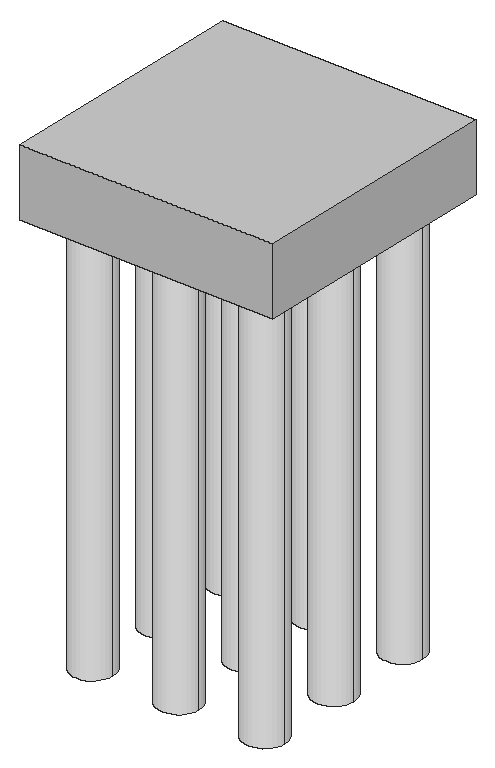
Revit family "2d20c3ec74474c8192e4ea9bafb45f9d", category Structural Foundations, Revit 2021
Family settings
  Material for Model Behavior = Concrete
  Cap = No
  OmniClass Number = 23.25.05.11
  OmniClass Title = Foundation Piles
  Seek Item ID = Pile Cap-9 Pile-0000-USA-ENU
  Work Plane-Based = No
  Always vertical = Yes
  Cut with Voids When Loaded = No
  Shared = No
Parameters (values of type "150"x150"x40"")
  Width = 12' - 6"
  Structural Material [instance] = Concrete, Cast-in-Place gray
  Pile Type = Pile-Steel Pipe : 24" Diameter
  Length = 12' - 6"
  Foundation Thickness = 3' - 4"
  Cut-off = 0' - 6"
  Clearance = 2' - 0"
  Assembly Code = "A1010130"
Reference planes (in)
  plane 1 "Center (Front/Back)": y = 0
  plane 2: z = 0
  plane 3 "Center (Left/Right)": x = 0
  plane 4: z = -40
  plane 5: y = 75
  plane 6: x = -75
  plane 7: x = 75
  plane 8: y = -51
  plane 9: z = -34
  plane 10: x = -51
  plane 11: x = 51
  plane 12: y = 51
  plane 13: y = -75
Forms (in)
  Extrusion 1, solid, material "Concrete, Cast-in-Place gray" <- "Structural Material"
    sketch origin (0, 0, 0) x (1, 0, 0) y (0, 1, 0)
      loop
        line (-75, 75) -> (-75, -75) -> (75, -75) -> (75, 75) -> (-75, 75)
    from -40 to 0
Dimensions and locks (in)
  "Foundation Thickness": plane 2 to plane 4
  equal spacing: plane 6, plane 3 "Center (Left/Right)", plane 7  (x2)
  "Width": plane 6 to plane 7
  "Cut-off": plane 4 to plane 9
  "Clearance": plane 6 to plane 10
  "Clearance": plane 11 to plane 7
  "Clearance": plane 12 to plane 5
  "Clearance": plane 13 to plane 8
  "Length": plane 5 to plane 13
  equal spacing: plane 5, plane 1 "Center (Front/Back)", plane 13
  aligned and locked: Extrusion 1 to plane 4
  aligned and locked: level to Extrusion 1
  aligned and locked: nested 1 to plane 12
  aligned and locked: nested 2 to plane 10
  aligned and locked: plane 8 to nested 2
  aligned and locked: Extrusion 1 sketch curve to plane 6
  aligned and locked: Extrusion 1 sketch curve to plane 5
  aligned and locked: Extrusion 1 sketch curve to plane 13
  aligned and locked: Extrusion 1 sketch curve to plane 7
  aligned and locked: plane 12 to nested 4
  aligned and locked: plane 8 to nested 3
  aligned and locked: plane 1 "Center (Front/Back)" to nested 5
  aligned and locked: plane 1 "Center (Front/Back)" to nested 6
  aligned and locked: plane 1 "Center (Front/Back)" to nested 8
  aligned and locked: plane 8 to nested 9
  aligned and locked: plane 12 to nested 7
  aligned and locked: plane 9 to nested 2
  aligned and locked: plane 9 to nested 9
  aligned and locked: plane 9 to nested 3
  aligned and locked: plane 9 to nested 5
  aligned and locked: plane 9 to nested 8
  aligned and locked: plane 9 to nested 6
  aligned and locked: plane 9 to nested 1
  aligned and locked: plane 9 to nested 7
  aligned and locked: plane 9 to nested 4
  aligned and locked: plane 10 to nested 5
  aligned and locked: plane 10 to nested 1
  aligned and locked: nested 9 to plane 3 "Center (Left/Right)"
  aligned and locked: plane 3 "Center (Left/Right)" to nested 8
  aligned and locked: plane 3 "Center (Left/Right)" to nested 7
  aligned and locked: plane 11 to nested 4
  aligned and locked: plane 11 to nested 6
  aligned and locked: nested 3 to plane 11
Nested families (in)
  nested 1: "Pile-Steel Pipe" at (-51, 51, -40), type <- "Pile Type", type "24" Diameter"
    with Structural Material Steel ASTM A572
  nested 2: "Pile-Steel Pipe" at (-51, -51, -40), type <- "Pile Type", type "24" Diameter"
    with Structural Material Steel ASTM A572
  nested 3: "Pile-Steel Pipe" at (51, -51, -40), type <- "Pile Type", type "24" Diameter"
    with Structural Material Steel ASTM A572
  nested 4: "Pile-Steel Pipe" at (51, 51, -40), type <- "Pile Type", type "24" Diameter"
    with Structural Material Steel ASTM A572
  nested 5: "Pile-Steel Pipe" at (-51, 0, -40), type <- "Pile Type", type "24" Diameter"
    with Structural Material Steel ASTM A572
  nested 6: "Pile-Steel Pipe" at (51, 0, -40), type <- "Pile Type", type "24" Diameter"
    with Structural Material Steel ASTM A572
  nested 7: "Pile-Steel Pipe" at (0, 51, -40), type <- "Pile Type", type "24" Diameter"
    with Structural Material Steel ASTM A572
  nested 8: "Pile-Steel Pipe" at (0, 0, -40), type <- "Pile Type", type "24" Diameter"
    with Structural Material Steel ASTM A572
  nested 9: "Pile-Steel Pipe" at (0, -51, -40), type <- "Pile Type", type "24" Diameter"
    with Structural Material Steel ASTM A572
Definition of nested family "Pile-Steel Pipe"
  Parameters (values of type "8" Diameter")
    Structural Material [instance] = none
    Radius = Diameter / 2  # 0' - 4"
    Minimum Embedment = 0' - 6"
    Diameter = 0' - 8"
    Depth = 20' - 0"
    Assembly Code = "A1020130"
  Types (7): name | Radius | Diameter
    (no name) | 0' - 4" | 0' - 8"
    12" Diameter | 0' - 6" | 1' - 0"
    24" Diameter | 1' - 0" | 2' - 0"
    10" Diameter | 0' - 5" | 0' - 10"
    16" Diameter | 0' - 8" | 1' - 4"
    20" Diameter | 0' - 10" | 1' - 8"
    8" Diameter | 0' - 4" | 0' - 8"
  Reference planes (in)
    plane 1 "Center (Front/Back)": y = 0
    plane 2: z = 0
    plane 3 "Center (Left/Right)": x = 0
    plane 4: z = -240
    plane 5: z = 6
  Forms (in)
    Extrusion 1, solid, material <- "Structural Material"
      sketch origin (0, 0, 0) x (1, 0, 0) y (0, 1, 0)
        loop
          circle (0, 0) r 4
      from -240 to 6
  Dimensions and locks (in)
    "Depth": plane 2 to plane 4
    "Minimum Embedment": plane 5 to plane 2
    "Radius": radius of Extrusion 1 sketch curve
    aligned and locked: Extrusion 1 to plane 4
    aligned and locked: Extrusion 1 to plane 5
  Automatic sketch dimensions
    Extrusion 1 sketch curve to plane 1 "Center (Front/Back)" = 0' - 0"
    Extrusion 1 sketch curve to plane 3 "Center (Left/Right)" = 0' - 0"
